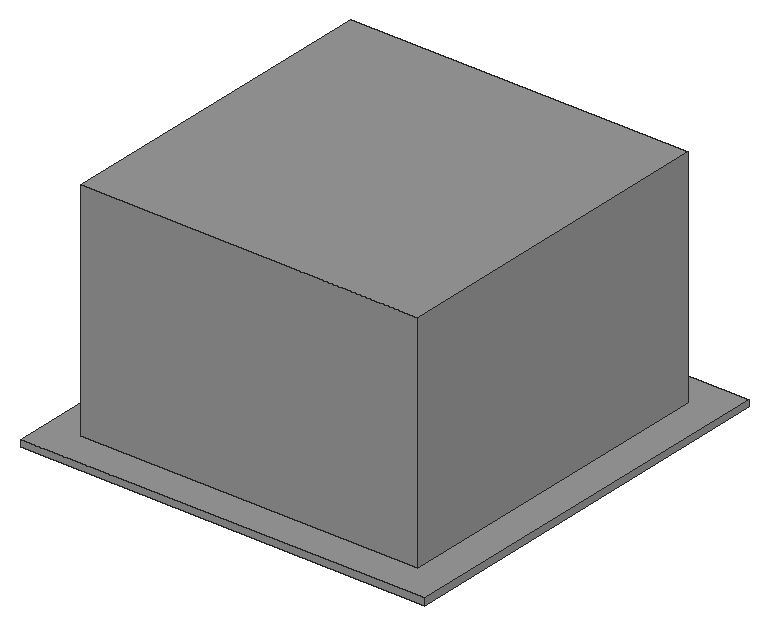
Revit family "R17-IVLB-Generic-Downlighter Square", category Lighting Fixtures, Revit 2017
Family settings
  Round Connector Dimension = Use Diameter
  Part Type = Normal
  Work Plane-Based = No
  Always vertical = Yes
  Cut with Voids When Loaded = No
  Light Source = Yes
  Shared = No
  Room Calculation Point = No
Parameters (values of type "Square Downlighter")
  Wattage = 16.8303 W
  built-in parameter 1150110 = 1 (stored number, unit not read)
  URL = "www.ivlibrary.com"
  built-in parameter 1114217 = 1 (stored number, unit not read)
  Tilt Angle = 90.00°
  built-in parameter 1150109 = 1 (stored number, unit not read)
  built-in parameter 1150134 = 3
  Switch Code [instance] = ""
  built-in parameter 1150113 = 1 (stored number, unit not read)
  Square Downlighter - Width = 150 mm
  Square Downlighter - Ring Size = 15 mm
  Square Downlighter - Length = 150 mm
  Square Downlighter = yes
  Photometric Web File = "spot_ideal.ies"
  Model = "SPACE RESERVATION"
  built-in parameter 1150105 = 198.94 (stored number, unit not read)
  Lumens = 2500 lm
  Luminaire Material = Rubber, Silicone
  Manufacturer = "SQUARE DOWNLIGHTER"
  built-in parameter 1150115 = 1 (stored number, unit not read)
  Luminaire Code [instance] = ""
  built-in parameter 1150137 = (empty or 0)
  built-in parameter 1150139 = (empty or 0)
  built-in parameter 1150112 = 1 (stored number, unit not read)
  built-in parameter 1150114 = 1 (stored number, unit not read)
  built-in parameter 1150132 = 2
  built-in parameter 1150102 = (empty or 0)
  built-in parameter 1150107 = 3200 (stored number, unit not read)
  built-in parameter 1150138 = (empty or 0)
  built-in parameter 1150106 = 1.9894 (stored number, unit not read)
  built-in parameter 1150104 = 13.8 (stored number, unit not read)
  Downlighter Height = 100 mm
  Dimming Lamp Color Temperature Shift = <None>
  Description = ""
  Copyright © IVLighting = "www.ivlighting.nl"
  Color Filter = 16777215
  built-in parameter 1114218 = 1 (stored number, unit not read)
  built-in parameter 1150133 = 10 (stored number, unit not read)
  Assembly Code = "63.0"
  Apparent Load = 0 VA
  Action Requierd (!) Text note [instance] = "Replace with specific luminaire from project or IVLibrary"  # constant formula
Reference planes
  plane 1 "Center (Front/Back)": y = 0
  plane 2: z = 0
  plane 3 "Center (Left/Right)": x = 0
Forms (mm)
  Extrusion 1, solid, material "Rubber, Silicone" <- "Luminaire Material", visible <- "Square Downlighter"
    sketch origin (0, 0, -10) x (1, 0, 0) y (0, 1, 0)
      loop
        line (-90, 90) -> (-90, -90) -> (90, -90) -> (90, 90) -> (-90, 90)
      loop
        line (-75, 75) -> (-75, -75) -> (75, -75) -> (75, 75) -> (-75, 75)
    from 7 to 10
  Extrusion 2, solid, material "Rubber, Silicone" <- "Luminaire Material", visible <- "Square Downlighter"
    sketch origin (0, 0, 0) x (1, 0, 0) y (0, 1, 0)
      loop
        line (-75, 75) -> (-75, -75) -> (75, -75) -> (75, 75) -> (-75, 75)
    from 0 to 100 <- "Downlighter Height"
  Blend 3, void
    base sketch origin (0, 0, 0) x (1, 0, 0) y (0, 1, 0)
      loop
        line (-70, 70) -> (-70, -70) -> (70, -70) -> (70, 70) -> (-70, 70)
    top sketch origin (0, 0, 0) x (1, 0, 0) y (0, 1, 0)
      loop
        line (-60, 60) -> (-60, -60) -> (60, -60) -> (60, 60) -> (-60, 60)
    from 0 to 21.279
  Extrusion 4, solid, material "Glass, White, High Luminance"
    sketch origin (0, 0, 0) x (1, 0, 0) y (0, 0, 1)
      loop
        line (-60, 21.279) -> (-60, 20.279) -> (60, 20.279) -> (60, 21.279) -> (-60, 21.279)
    from -60 to 60
Cuts and joins
  Blend 3 cuts Extrusion 2
Lines and regions (mm)
  symbolic lines, visible <- "Square Downlighter"
    curve 1: line (-75, 75, 0) -> (75, 75, 0)
    curve 2: line (-75, -75, 0) -> (-75, 75, 0)
    curve 3: line (75, -75, 0) -> (-75, -75, 0)
    curve 4: line (75, 75, 0) -> (75, -75, 0)
Dimensions and locks
  "Square Downlighter - Ring Size": Extrusion 1 sketch curve to Extrusion 1 sketch curve  (x4)
  "Square Downlighter - Width": Extrusion 1 sketch curve to Extrusion 1 sketch curve
  "Square Downlighter - Length": Extrusion 1 sketch curve to Extrusion 1 sketch curve
  locked: Extrusion 2 to Blend 3 sketch curve at 5  (x3)
  locked: Blend 3 sketch curve to Extrusion 2 at 5
  locked: Extrusion 2 to Blend 3 sketch curve at 15  (x3)
  locked: Blend 3 sketch curve to Extrusion 2 at 15
  equal spacing: cut or joined group of Extrusion 2, Blend 3, plane 3 "Center (Left/Right)", cut or joined group of Extrusion 2, Blend 3
  equal spacing: cut or joined group of Extrusion 2, Blend 3, plane 1 "Center (Front/Back)", cut or joined group of Extrusion 2, Blend 3
  equal spacing: Extrusion 1, plane 3 "Center (Left/Right)", Extrusion 1
  equal spacing: Extrusion 1, plane 1 "Center (Front/Back)", Extrusion 1
  Extrusion 4 sketch curve to Extrusion 4 sketch curve = 1 mm
  aligned and locked: level to plane 2
  aligned and locked: Extrusion 2 to Extrusion 1  (x2)
  aligned and locked: curve 2 to Extrusion 1
  aligned and locked: curve 1 to Extrusion 1
  aligned and locked: curve 4 to Extrusion 1
  aligned and locked: curve 3 to Extrusion 1
  aligned and locked: Extrusion 4 sketch curve to cut or joined group of Extrusion 2, Blend 3
  aligned and locked: Extrusion 4 to cut or joined group of Extrusion 2, Blend 3  (x4)
Automatic sketch dimensions
  Extrusion 2 sketch curve to plane 3 "Center (Left/Right)" = 75 mm
  plane 3 "Center (Left/Right)" to Extrusion 2 sketch curve = 75 mm
  plane 1 "Center (Front/Back)" to Extrusion 2 sketch curve = 75 mm
  Extrusion 2 sketch curve to plane 1 "Center (Front/Back)" = 75 mm
  Extrusion 4 sketch curve to plane 3 "Center (Left/Right)" = 60 mm
  plane 3 "Center (Left/Right)" to Extrusion 4 sketch curve = 60 mm
  Extrusion 1 sketch curve to plane 3 "Center (Left/Right)" = 90 mm
  plane 1 "Center (Front/Back)" to Extrusion 1 sketch curve = 90 mm
Connectors
  electrical at (0, 0, 100), driven by "Apparent Load"
    settings: on Extrusion 2, index 1, voltage 0 V, apparent load 0 VA, apparent load phase1 0 VA, apparent load phase2 0 VA, apparent load phase3 0 VA, power factor 1, load classification "Other", number of poles 1, system type 31, power factor state 1, is connector primary yes, connector utility no, sub classification motor no, connector description ""
